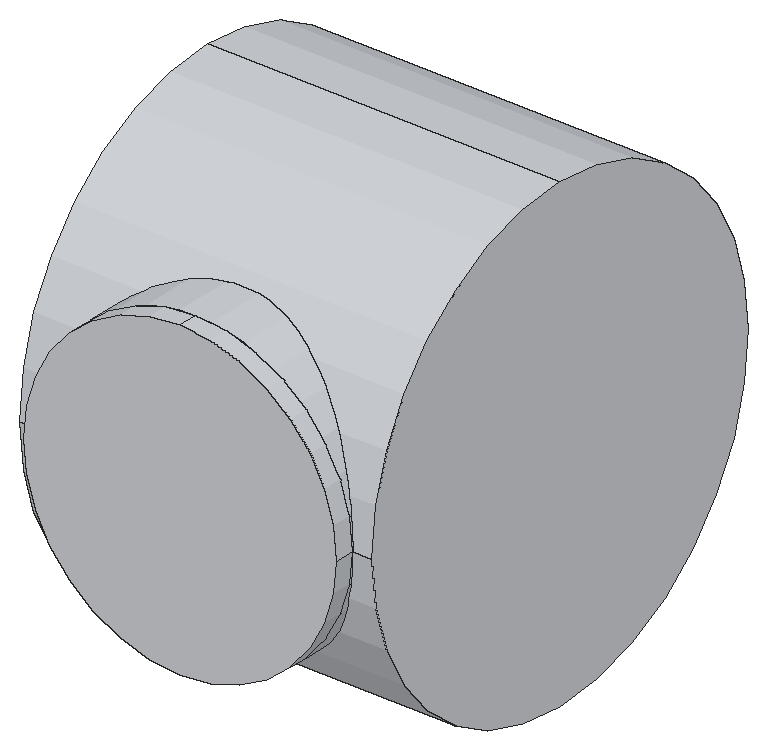
Revit family "M_Round Tee - Bullhead", category Duct Fittings, Revit 2014
Parameters (values of type "Standard")
  Middle Radius [instance] = Duct Radius 3 - abs(Duct Diameter 3 / 2 - Middle Radius 1) / Duct Radius 1 * Duct Radius 1  # 200 mm
  Middle Radius 1 [instance] = if(Duct Diameter 1 / 2 > Duct Diameter 3 / 2, Duct Diameter 3 / 2, Duct Diameter 1 / 2)  # 200 mm
  Duct Radius 3 [instance] = 200 mm
  Duct Radius 1 [instance] = 300 mm
  Duct Length 3 [instance] = Duct Diameter 1 / 2 + 25 mm  # 325 mm
  Duct Length 1 [instance] = Duct Diameter 3 / 2 + 25 mm  # 225 mm
  Duct Diameter 3 [instance] = 2 * Duct Radius 3  # 400 mm
  Duct Diameter 1 [instance] = 2 * Duct Radius 1  # 600 mm
  Assembly Code = ""
Reference planes
  plane 1 "Center (Front/Back)": y = 0
  plane 2: z = 0
  plane 3 "Center (Left/Right)": x = 0
  plane 4: x = -225
  plane 5: x = 225
  plane 6: y = -325
  plane 7: y = -300
  plane 8: y = -300
  plane 9: y = -300
Forms (mm)
  Sweep 1, solid, detail levels medium+fine
    path in 3D
      loop
        line (-225, 0, 0) -> (225, 0, 0)
    profile "M_Duct - Round : Duct - Round 1" origin (0, 0, 0) x (0, 1, 0) y (0, 0, 1)
      loop
        arc (-300, 0) -> (-212.132, -212.132) -> (0, -300) r 300
        arc (0, -300) -> (212.132, -212.132) -> (300, 0) r 300
        arc (300, 0) -> (212.132, 212.132) -> (0, 300) r 300
        arc (0, 300) -> (-212.132, 212.132) -> (-300, 0) r 300
  Sweep 2, solid, detail levels medium+fine
    path in 3D
      loop
        line (0, -300, 0) -> (0, -325, 0)
    profile "M_Duct - Round : Duct - Round 3" origin (0, -312.5, 0) x (1, 0, 0) y (0, 0, 1)
      loop
        arc (-200, 0) -> (-141.421, -141.421) -> (0, -200) r 200
        arc (0, -200) -> (141.421, -141.421) -> (200, 0) r 200
        arc (200, 0) -> (141.421, 141.421) -> (0, 200) r 200
        arc (0, 200) -> (-141.421, 141.421) -> (-200, 0) r 200
  Blend 3, solid, detail levels medium+fine
    base sketch origin (0, 0, 0) x (1, 0, 0) y (0, 0, 1)
      loop
        circle (0, 0) r 200
    top sketch origin (0, 0, 0) x (1, 0, 0) y (0, 0, 1)
      loop
        circle (0, 0) r 200
    from 300 to 0
Cuts and joins
  joined: Sweep 1, Sweep 2, Blend 3
Lines and regions (mm)
  reference lines
    curve 1: line (-225, 0, 0) -> (225, 0, 0)
    curve 2: line (0, -325, 0) -> (0, 0, 0)
    curve 6: line (0, -300, 0) -> (0, -325, 0)
    curve 7: line (0, -300, 0) -> (0, -325, 0)
    curve 8: line (0, -300, 0) -> (0, -325, 0)
  sketch lines
    curve 3: line (-225, 0, 0) -> (225, 0, 0)
    curve 9: line (0, -300, 0) -> (0, -325, 0)
  model lines, style "DuctFitting", detail levels coarse
    curve 4: line (-225, 0, 0) -> (225, 0, 0)
    curve 5: line (0, -325, 0) -> (0, 0, 0)
Dimensions and locks
  "Duct Length 3": plane 6 to plane 1 "Center (Front/Back)"
  "Duct Length 1": plane 4 to plane 3 "Center (Left/Right)"
  "Duct Length 1": plane 3 "Center (Left/Right)" to plane 5
  "Duct Radius 1": plane 1 "Center (Front/Back)" to plane 7
  "Duct Radius 1": plane 1 "Center (Front/Back)" to plane 8
  "Duct Radius 1": plane 1 "Center (Front/Back)" to plane 9
  "Duct Radius 3": radius of Blend 3 sketch curve
  "Middle Radius": radius of Blend 3 sketch curve
  aligned and locked: plane 4 to curve 1
  aligned and locked: plane 5 to curve 1
  aligned and locked: plane 1 "Center (Front/Back)" to curve 1
  aligned and locked: plane 1 "Center (Front/Back)" to curve 2
  aligned and locked: plane 6 to curve 2
  aligned and locked: curve 2 to plane 3 "Center (Left/Right)"
  aligned and locked: curve 5 to curve 2
  aligned and locked: plane 6 to curve 5
  aligned and locked: plane 1 "Center (Front/Back)" to curve 4
  aligned and locked: plane 4 to curve 4
  aligned and locked: plane 5 to curve 4
  aligned and locked: plane 8 to curve 6
  aligned and locked: plane 6 to curve 6
  aligned and locked: curve 6 to plane 3 "Center (Left/Right)"
  aligned and locked: plane 6 to curve 7
  aligned and locked: plane 9 to curve 7
  aligned and locked: curve 7 to plane 3 "Center (Left/Right)"
  aligned and locked: plane 7 to curve 8
  aligned and locked: plane 6 to curve 8
  aligned and locked: curve 8 to plane 3 "Center (Left/Right)"
  aligned and locked: plane 2 to Blend 3 sketch curve  (x2)
  aligned and locked: plane 3 "Center (Left/Right)" to Blend 3 sketch curve  (x2)
  aligned and locked: plane 9 to Blend 3
  aligned and locked: Blend 3 to plane 1 "Center (Front/Back)"
Connectors
  hvac at (-225, 0, 0), driven by "Duct Radius 1"
    settings: on cut or joined group of Sweep 1, Sweep 2, Blend 3, index 1, duct flow 0.0 L/s, flow factor 0, pres drop 0.0 Pa, loss coef 0, conn angle 0.00°, conn width 304.8 mm, conn height 304.8 mm, conn diameter 600 mm, duct sys type 28, conn prof type 0, flow config 0, flow direction 0, loss method 0, conn ref index 2, conn util no, is conn primary yes, conn desc ""
  hvac at (225, 0, 0), driven by "Duct Radius 1"
    settings: on cut or joined group of Sweep 1, Sweep 2, Blend 3, index 2, duct flow 0.0 L/s, flow factor 0, pres drop 0.0 Pa, loss coef 0, conn angle 0.00°, conn width 304.8 mm, conn height 304.8 mm, conn diameter 600 mm, duct sys type 28, conn prof type 0, flow config 0, flow direction 0, loss method 0, conn ref index 1, conn util no, is conn primary no, conn desc ""
  hvac at (0, -325, 0), driven by "Duct Radius 3"
    settings: on cut or joined group of Sweep 1, Sweep 2, Blend 3, index 3, duct flow 0.0 L/s, flow factor 0, pres drop 0.0 Pa, loss coef 0, conn angle 0.00°, conn width 304.8 mm, conn height 304.8 mm, conn diameter 400 mm, duct sys type 28, conn prof type 0, flow config 0, flow direction 0, loss method 0, conn ref index -1, conn util no, is conn primary no, conn desc ""
